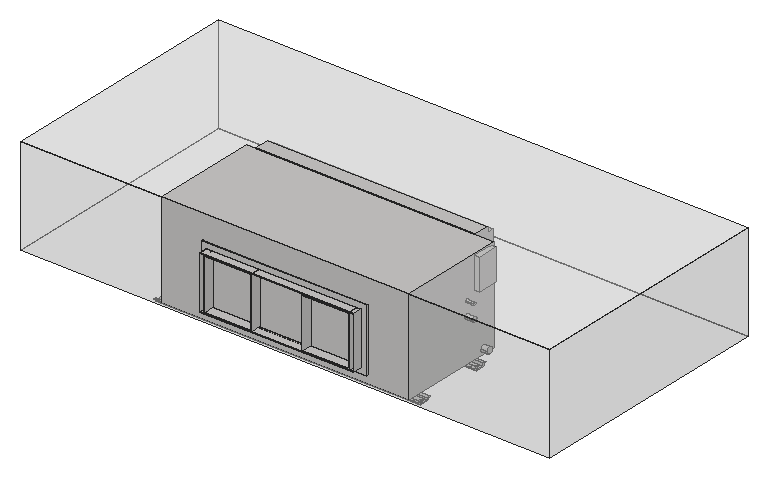
Revit family "outputfile", category 機械設備, Revit 2024
Family settings
  丸型コネクタ寸法 = 半径を使用
  パーツ タイプ = 標準
  OmniClass 番号 = 23.75.10.24.21.27.27
  OmniClass タイトル = Split System Air Conditioning Units
  作業面ベース = いいえ
  常に垂直 = はい
  ロード時にボイドで切り取り = いいえ
  注釈の向きを維持 = いいえ
  共有 = いいえ
  部屋計算ポイント = はい
Parameters (values of type "FBHN80HBV1X")
  Description = ""
  書き出し IFC クラス(タイプ) = "IfcUnitaryEquipmentType"
  定義済み IFC タイプ(タイプ) = "AIRCONDITIONINGUNIT"
  Cost = 0
  Type Comments = ""
  Keynote = ""
  Type Image = (empty or 0)
  Assembly Code = ""
  switch_frequency = yes
  lw_power = 715 mm  # constant formula
  lw_box = 30 mm
  lw_RA = 671 mm
  lh_height_SA = 298 mm
  lh_ld_mountinghole_height = 15 mm
  lh_height_RA = 443 mm
  lh_hangerfixture = 15 mm
  lh_box_top = 6 mm
  lh_box = 175 mm
  lh_SA = 240 mm
  lh_RA = 301.5 mm
  ld_depth_SA = 60 mm
  ld_depth_RA = 127 mm
  ld_box_left = 462.5 mm
  ld_box = 119.5 mm
  connector_voltage = 0 V
  connector_powerinput = [Power Input (Cooling)]  # 7.100 kW
  connector_phase = 1
  Voltage_comment_50Hz = "220 - 240"
  Voltage_50Hz = 230 V
  URL = ""
  Supply Air Direction [instance] = yes
  製造元 = "Daikin"
  モデル = "FBHN80HBV1X"
  w_pipe = 33 mm
  r_Liquid Pipe Size = Liquid Pipe Size / 2  # 6.35 mm
  r_Gas Pipe Size = Gas Pipe Size / 2  # 11.1 mm
  r_Drain Pipe Size = Drain Pipe Size / 2  # 17.0 mm
  lw_powersupply = 897 mm
  lw_width_RA = 1242 mm
  lw_width_SA = 876 mm
  lh_suctionflange [instance] = 100 mm
  ld_suctionflange [instance] = 190 mm
  ld_powersupply = 220.5 mm
  angle_vertical_RA [instance] = 90.00°
  angle horizontal_RA [instance] = 180.00°
  Sound Power Level_H speed (dB) = 0
  Phase_50Hz = 1
  Minimum External Static Pressure = 80.00 Pa
  Minimum Circuit Amps_50Hz = 0.0 A
  Maximum Fuse Amps_50Hz = 0.0 A
  Maximum External Static Pressure = 100.00 Pa
  Material_Casing = DAIKIN_GalvanizedSteel_Casing_indoorunit
  lw_liquidpipe = 751 mm
  lw_gaspipe = 751 mm
  lw_mountinghole_pitch = 1462 mm
  lw_mountinghole = 1502 mm
  lw_drainpipe = 741 mm
  lh_powersupply = 372 mm
  lh_liquidpipe = 344 mm
  lh_gaspipe = 264 mm
  lh_mountinghole = 9 mm
  lh_drainpipe = 51 mm
  lh_antena = 552.5 mm
  ld_liquidpipe = 102.5 mm
  ld_gaspipe = 102.5 mm
  ld_mountinghole_pitch = 394 mm
  ld_drainpipe = 220.5 mm
  ld_controlbox = 626 mm
  h*** = 0 mm  # constant formula
  d_dischargeflange = ld_depth_SA  # 60 mm
  Width = 1402 mm
  Version = "ver.1.0"
  Unit Type = "Duct"
  Unit Mass Weight = 83.00 kg
  Unit Designation [instance] = ""
  Uniclass2015Version = "Products v1.30"
  Uniclass2015Title = "Split coil room air conditioning units"
  Uniclass2015Code = "Pr_70_65_03_86"
  Total Cooling Capacity [instance] = 0.000 kW
  Sound Pressure Level_M speed (dBA) = 52
  Sound Pressure Level_L speed (dBA) = 51
  Sound Pressure Level_H speed (dBA) = 53
  Series = "Package Aircon_Fan Coil Unit"
  Sensible Cooling Capacity [instance] = 0.000 kW
  SA Duct Size Width = 876 mm
  SA Duct Size Height = 298 mm
  Refrigerant Type = "R410A"
  RA Duct Size Width = 1242 mm
  RA Duct Size Height = 443 mm
  Power Input (Cooling) = 7.100 kW
  Option Accessory 3 [instance] = ""
  Option Accessory 2 [instance] = ""
  Option Accessory 1 [instance] = ""
  Nominal Cooling Capacity = 23.400 kW
  Minimum Airflow = 3398.00 m³/h
  Median Airflow = 3738.00 m³/h
  Maximum Airflow = 3908.00 m³/h
  Load Classification = HVAC
  Liquid Pipe Size = 12.7 mm
  Link_Nested Family [instance] = ""
  IfcVersion = ""
  IfcExportType = "AIRCONDITIONINGUNIT"
  IfcExportAs = "IfcUnitaryEquipmentType"
  Height = 553 mm
  Heat Exchanger Type = "Cross Fin Coil"
  Gas Pipe Size = 22.2 mm
  Frequency_50Hz = 50 Hz
  Fan Type = "Sirocco Fan"
  Fan Drive = "-"
  FCU Tag No. [instance] = ""
  Drain Pipe Size = 34.0 mm
  Design Supply Airflow [instance] = 0.00 m³/h
  Design Return Airflow [instance] = 0.00 m³/h
  Design External Static Pressure [instance] = 0.00 Pa
  Depth = 605 mm
  既定の高さ = 0 mm
  Cooling Entering Wet Bulb Temperature [instance] = 0.00 °C
  Cooling Entering Dry Bulb Temperature [instance] = 0.00 °C
  Cooling Ambient Wet Bulb Temperature [instance] = 0.00 °C
  Cooling Ambient Dry Bulb Temperature [instance] = 0.00 °C
  Clearance visibility [instance] = yes
  Clearance Top = 0 mm
  Clearance Right = 800 mm
  Clearance Rear = 800 mm
  Clearance Left = 800 mm
  Clearance Front = 0 mm
  Clearance Bottom = 0 mm
Reference planes
  plane 1 "Center (Front/Back)": y = 0
  plane 2: z = 0
  plane 3 "Center (Left/Right)": x = 0
  plane 4 "Back": y = 302.5
  plane 5 "Front": y = -302.5
  plane 6 "Left": x = -701
  plane 7 "Right": x = 701
  plane 8 "Top": z = 0
  plane 9 "Bottom": z = -553
  plane 10: z = -209
  plane 11: z = -289
  plane 12: x = -731
  plane 13: x = 731
  plane 14: x = 751
  plane 15: x = 751
  plane 16: z = -544
  plane 17 "Clearance Left": x = -1501
  plane 18 "Clearance Right": x = 1501
  plane 19 "Clearance Rear": y = 1102.5
  plane 20 "Clearance Front": y = -302.5
  plane 21 "Clearance Bottom": z = -553
  plane 22: z = -502
  plane 23 "ld_gas": y = 102.5
  plane 24: y = 102.5
  plane 25: y = -30
  plane 26: y = 220.5
  plane 27: y = 112.5
  plane 28: x = 741
  plane 29: y = 139.5
  plane 30: y = -254.5
  plane 31: y = -362.5
  plane 32: y = 429.5
  plane 33 "Clearance Top": z = 0
  plane 34: z = -181
  plane 35: y = 220.5
  plane 36 "hangerfixture": z = -538
  plane 37 "lh_SA": z = -313
  plane 38 "lh_RA": z = -251.5
  plane 39 "RA_center": x = -30
  plane 40: x = 701
  plane 41: x = 731
  plane 42: y = 160
  plane 43: y = 180
  plane 44: y = 259.5
  plane 45: y = 279.5
  plane 46 "box_bottom": z = -181
  plane 47 "box_top": z = -6
  plane 48 "lw_power": x = 715
Forms (mm)
  Extrusion 1, solid, material "DAIKIN_GalvanizedSteel_Casing_indoorunit" <- "Material_Casing"
    sketch origin (0, -0.8, 0) x (1, 0, 0) y (0, 1, 0)
      loop
        line (-701, -301.7) -> (701, -301.7) -> (701, 303.3) -> (-701, 303.3) -> (-701, -301.7)
    from -538 to 0
  Revolve 2, solid, material "DAIKIN_GalvanizedSteel_Casing_indoorunit" <- "Material_Casing"
    sketch origin (0, 0, -289) x (0, -1, 0) y (1, 0, 0)
      loop
        line (-91.4, 701) -> (-91.4, 751) -> (-102.5, 751) -> (-102.5, 701) -> (-91.4, 701)
      axis (-102.5, 701) -> (-102.5, 751)
    angle from 0 to 360
  Revolve 3, solid, material "DAIKIN_GalvanizedSteel_Casing_indoorunit" <- "Material_Casing"
    sketch origin (0, 0, -209) x (0, -1, 0) y (1, 0, 0)
      loop
        line (-102.5, 701) -> (-102.5, 751) -> (-108.85, 751) -> (-108.85, 701) -> (-102.5, 701)
      axis (-102.5, 751) -> (-102.5, 701)
    angle from 0 to 360
  Extrusion 4, solid, material "DAIKIN_GalvanizedSteel_Casing_indoorunit" <- "Material_Casing"
    sketch origin (0, 0, 0) x (0, 1, 0) y (0, 0, 1)
      loop
        circle (220.5, -502) r 17
    from 741 to 701
  Extrusion 5, solid, material "DAIKIN_GalvanizedSteel_Casing_indoorunit" <- "Material_Casing"
    sketch origin (0, 0, 0) x (1, 0, 0) y (0, 1, 0)
      loop
        line (701, 160) -> (731, 160) -> (731, 279.5) -> (701, 279.5) -> (701, 160)
    from -181 to -6
Cuts and joins
  joined: Extrusion 1, Extrusion 5
Dimensions and locks
  equal spacing: plane 12, plane 3 "Center (Left/Right)", plane 13
  "lw_mountinghole_pitch": plane 12 to plane 13
  "lh_liquidpipe": plane 10 to plane 9 "Bottom"
  "lh_gaspipe": plane 11 to plane 9 "Bottom"
  equal spacing: plane 6 "Left", plane 3 "Center (Left/Right)", plane 7 "Right"
  "Width": plane 6 "Left" to plane 7 "Right"
  "Clearance Right": plane 7 "Right" to plane 18 "Clearance Right"
  "Clearance Left": plane 17 "Clearance Left" to plane 6 "Left"
  "Clearance Rear": plane 19 "Clearance Rear" to plane 4 "Back"
  "Clearance Front": plane 5 "Front" to plane 20 "Clearance Front"
  "Depth": plane 4 "Back" to plane 5 "Front"
  equal spacing: plane 4 "Back", plane 1 "Center (Front/Back)", plane 5 "Front"
  "ld_suctionflange": plane 4 "Back" to plane 27
  "r_Liquid Pipe Size": nested 5 to Revolve 3 sketch curve
  "ld_mountinghole_pitch": plane 29 to plane 30
  "lw_liquidpipe": plane 3 "Center (Left/Right)" to plane 14
  "lw_gaspipe": plane 3 "Center (Left/Right)" to plane 15
  "lw_drainpipe": plane 3 "Center (Left/Right)" to plane 28
  "lh_drainpipe": plane 22 to plane 9 "Bottom"
  "Clearance Top": plane 33 "Clearance Top" to plane 8 "Top"
  "Clearance Bottom": plane 9 "Bottom" to plane 21 "Clearance Bottom"
  "lh_powersupply": plane 34 to plane 9 "Bottom"
  level to plane 8 "Top" = 0 mm
  "lh_hangerfixture": plane 36 "hangerfixture" to plane 9 "Bottom"
  "lh_SA": plane 37 "lh_SA" to plane 9 "Bottom"
  "ld_depth_SA": plane 5 "Front" to plane 31
  "ld_depth_RA": plane 32 to plane 4 "Back"
  "lh_RA": plane 38 "lh_RA" to plane 9 "Bottom"
  "lw_RA": plane 6 "Left" to plane 39 "RA_center"
  "ld_box_left": plane 42 to plane 5 "Front"
  "ld_box": plane 45 to plane 42
  locked: plane 43 to plane 42 at 20
  locked: plane 45 to plane 44 at 20
  "lw_box": plane 7 "Right" to plane 41
  "lh_box": plane 47 "box_top" to plane 46 "box_bottom"
  "lw_power": plane 3 "Center (Left/Right)" to plane 48 "lw_power"
  "ld_drainpipe": plane 26 to plane 1 "Center (Front/Back)"
  "ld_gaspipe": plane 23 "ld_gas" to plane 1 "Center (Front/Back)"
  "r_Gas Pipe Size": plane 23 "ld_gas" to Revolve 2 sketch curve
  "ld_liquidpipe": plane 24 to plane 1 "Center (Front/Back)"
  plane 30 to plane 1 "Center (Front/Back)" = 254.5 mm
  locked: plane 40 to plane 7 "Right"
  "ld_powersupply": plane 35 to plane 1 "Center (Front/Back)"
  "lh_mountinghole": plane 16 to plane 9 "Bottom"
  "lh_box_top": plane 8 "Top" to plane 47 "box_top"
  "Height": plane 8 "Top" to plane 9 "Bottom"
  "r_Drain Pipe Size": radius of Extrusion 4 sketch curve
  aligned and locked: level to plane 2
  aligned and locked: plane 8 "Top" to Extrusion 1
  aligned and locked: Revolve 2 sketch curve to Revolve 2 sketch curve
  aligned and locked: plane 14 to nested 5
  aligned and locked: nested 5 to plane 10
  aligned and locked: plane 13 to nested 2
  aligned and locked: plane 12 to nested 3
  aligned and locked: plane 12 to nested 4
  aligned and locked: nested 6 to plane 11
  aligned and locked: plane 23 "ld_gas" to nested 6
  aligned and locked: plane 24 to nested 5
  aligned and locked: Extrusion 4 sketch curve to plane 26
  aligned and locked: nested 11 to plane 19 "Clearance Rear"
  aligned and locked: plane 18 "Clearance Right" to nested 11
  aligned and locked: plane 17 "Clearance Left" to nested 11
  aligned and locked: nested 11 to plane 20 "Clearance Front"
  aligned and locked: plane 28 to Extrusion 4
  aligned and locked: plane 15 to nested 6
  aligned and locked: plane 13 to nested 1
  aligned and locked: plane 26 to nested 7
  aligned and locked: nested 7 to plane 22
  aligned and locked: nested 7 to plane 28
  aligned and locked: nested 9 to plane 1 "Center (Front/Back)"
  aligned and locked: plane 3 "Center (Left/Right)" to nested 9
  aligned and locked: plane 29 to nested 1
  aligned and locked: plane 30 to nested 2
  aligned and locked: nested 4 to plane 29
  aligned and locked: nested 3 to plane 30
  aligned and locked: nested 10 to plane 4 "Back"
  aligned and locked: nested 8 to plane 31
  aligned and locked: plane 32 to nested 14
  aligned and locked: plane 3 "Center (Left/Right)" to nested 13
  aligned and locked: nested 11 to plane 33 "Clearance Top"
  aligned and locked: nested 11 to plane 21 "Clearance Bottom"
  aligned and locked: nested 12 to plane 9 "Bottom"
  aligned and locked: plane 36 "hangerfixture" to Extrusion 1
  aligned and locked: plane 37 "lh_SA" to nested 8
  aligned and locked: Extrusion 1 to plane 5 "Front"
  aligned and locked: nested 13 to plane 31
  aligned and locked: plane 37 "lh_SA" to nested 13
  aligned and locked: Extrusion 1 to plane 4 "Back"
  aligned and locked: plane 38 "lh_RA" to nested 10
  aligned and locked: nested 14 to plane 38 "lh_RA"
  aligned and locked: plane 39 "RA_center" to nested 10
  aligned and locked: nested 14 to plane 39 "RA_center"
  aligned and locked: plane 45 to Extrusion 5 sketch curve
  aligned and locked: plane 41 to Extrusion 5 sketch curve
  aligned and locked: Extrusion 5 sketch curve to plane 42
  aligned and locked: plane 47 "box_top" to Extrusion 5
  aligned and locked: Extrusion 5 to plane 46 "box_bottom"
  aligned and locked: plane 14 to nested 16
  aligned and locked: nested 6 to plane 15
  aligned and locked: nested 15 to plane 35
  aligned and locked: Revolve 2 sketch curve to plane 23 "ld_gas"
  aligned and locked: plane 23 "ld_gas" to nested 17
  aligned and locked: plane 24 to nested 16
  aligned and locked: nested 12 to plane 30
  aligned and locked: Extrusion 5 sketch curve to plane 40
  aligned and locked: Extrusion 4 to Revolve 2
  aligned and locked: nested 15 to plane 48 "lw_power"
  aligned and locked: nested 15 to plane 34
  aligned and locked: level to plane 8 "Top"
  aligned and locked: Extrusion 4 to plane 7 "Right"
  aligned and locked: Revolve 3 to plane 7 "Right"
Automatic sketch dimensions
  Extrusion 1 sketch curve to plane 4 "Back" = 0 mm
  Extrusion 1 sketch curve to plane 6 "Left" = 0 mm
  Extrusion 1 sketch curve to plane 5 "Front" = 0 mm
  Extrusion 1 sketch curve to plane 7 "Right" = 0 mm
  Revolve 3 sketch curve to plane 23 "ld_gas" = 0 mm  (x2)
  Revolve 3 sketch curve to plane 14 = 0 mm  (x2)
  Revolve 3 sketch curve to Revolve 3 sketch curve = 50 mm
  Revolve 3 sketch curve to Revolve 3 sketch curve = 2.5 mm
  Extrusion 4 sketch curve to plane 22 = 0 mm
  Revolve 2 sketch curve to plane 7 "Right" = 0 mm
  Revolve 2 sketch curve to plane 14 = 0 mm
  Revolve 2 sketch curve to Revolve 2 sketch curve = 2.003 mm
  plane 14 to Revolve 2 sketch curve = 1.003 mm
Nested families
  nested 1: "daikin_mountinghole" at (731, 139.5, -560.5), Link_Nested Family <- "Link_Nested Family", h_mountinghole <- "lh_mountinghole", l_antenna <- "lh_antena", type "daikin_mountinghole"
    with show yes, l_antenna 552.5 mm, h_mountinghole 9 mm, Link_Nested Family "", d_circle 23 mm
  nested 2: "daikin_mountinghole" at (731, -254.5, -560.5), Link_Nested Family <- "Link_Nested Family", h_mountinghole <- "lh_mountinghole", l_antenna <- "lh_antena", type "daikin_mountinghole"
    with show yes, l_antenna 552.5 mm, h_mountinghole 9 mm, Link_Nested Family "", d_circle 23 mm
  nested 3: "daikin_mountinghole" at (-731, -254.5, -560.5), Link_Nested Family <- "Link_Nested Family", h_mountinghole <- "lh_mountinghole", l_antenna <- "lh_antena", type "daikin_mountinghole"
    with show yes, l_antenna 552.5 mm, h_mountinghole 9 mm, Link_Nested Family "", d_circle 23 mm
  nested 4: "daikin_mountinghole" at (-731, 139.5, -560.5), Link_Nested Family <- "Link_Nested Family", h_mountinghole <- "lh_mountinghole", l_antenna <- "lh_antena", type "daikin_mountinghole"
    with show yes, l_antenna 552.5 mm, h_mountinghole 9 mm, Link_Nested Family "", d_circle 23 mm
  nested 5: "daikin_connector_rotate2" at (0, 102.5, -209) x (0, 1, 0) z (0, 0, 1), length <- "lw_liquidpipe", built-in parameter 1001364 <- "lh_liquidpipe", radius <- "r_Liquid Pipe Size", type "daikin_connector_rotate2"
    with radius 6.35 mm, length 751 mm, angle_vertical 90.00°
  nested 6: "daikin_connector_rotate2" at (0, 102.5, -289) x (0, 1, 0) z (0, 0, 1), length <- "lw_gaspipe", built-in parameter 1001364 <- "lh_gaspipe", radius <- "r_Gas Pipe Size", type "daikin_connector_rotate2"
    with radius 11.1 mm, length 751 mm, angle_vertical 90.00°
  nested 7: "daikin_connector_rotate2" at (0, 220.5, -502) x (0, 1, 0) z (0, 0, 1), built-in parameter 1001364 <- "lh_drainpipe", length <- "lw_drainpipe", radius <- "r_Drain Pipe Size", type "daikin_connector_rotate2"
    with radius 17 mm, length 741 mm, angle_vertical 90.00°
  nested 8: "daikin_connector_rotate2" at (0, -302.5, -313), length <- "d_dischargeflange", type "daikin_connector_rotate2"
    with radius 10 mm, length 60 mm, angle_vertical 90.00°
  nested 9: "daikin_△_symbolicline" at (-75, -129.904, 553) x (-0.5, 0.866, 0) z (0, 0, 1), built-in parameter 1001364 <- "Height", visible <- "Supply Air Direction", type "daikin_△_symbolicline"
    with length 300 mm
  nested 10: "daikin_ductflange_FBHN-HBV1X" at (-30, 302.5, -251.5), material <- "Material_Casing", width <- "lw_width_RA", height <- "lh_height_RA", depth <- "ld_depth_RA", type "daikin_ductflange_FBHN-HBV1X"
    with width 1242 mm, material DAIKIN_GalvanizedSteel_Casing_indoorunit, height 443 mm, depth 127 mm
  nested 11: "daikin_clearancespace" at (0, 400, -276.381), visible <- "Clearance visibility", show <- "Clearance visibility", Link_Nested Family <- "Link_Nested Family", type "daikin_clearancespace"
    with width 3002 mm, show yes, height 553 mm, depth 1405 mm, Link_Nested Family ""
  nested 12: "daikin_hangerfixture_FBHN-HBV1X" at (0, -57.5, -553), type "daikin_hangerfixture_FBHN-HBV1X"
  nested 13: "daikin_ductflange_FBHN-HBV1X_1" at (0, -302.5, -502.401), width <- "lw_width_SA", material <- "Material_Casing", height <- "lh_height_SA", depth <- "ld_depth_SA", type "daikin_ductflange_FBHN-HBV1X_1"
    with width 876 mm, t 0.8 mm, material DAIKIN_GalvanizedSteel_Casing_indoorunit, height 298 mm, depth 60 mm
  nested 14: "daikin_connector_rotate2" at (-30, 302.5, -251.5) x (-1, 0, 0) z (0, 0, 1), length <- "ld_depth_RA", type "daikin_connector_rotate2"
    with radius 10 mm, length 127 mm, angle_vertical 90.00°
  nested 15: "daikin_connector_rotate2" at (715, 220.5, -6) x (0, 1, 0) z (1, 0, 0), length <- "lh_box", type "daikin_connector_rotate2"
    with radius 10 mm, length 175 mm, angle_vertical 90.00°
  nested 16: "daikin_connector_rotate2" at (0, 102.5, 344) x (0, 1, 0) z (0, 0, 1), length <- "lw_liquidpipe", built-in parameter 1001364 <- "lh_liquidpipe", radius <- "r_Liquid Pipe Size", type "daikin_connector_rotate2"
    with radius 6.35 mm, length 751 mm, angle_vertical 90.00°
  nested 17: "daikin_connector_rotate2" at (0, 102.5, 264) x (0, 1, 0) z (0, 0, 1), length <- "lw_gaspipe", built-in parameter 1001364 <- "lh_gaspipe", radius <- "r_Gas Pipe Size", type "daikin_connector_rotate2"
    with radius 11.1 mm, length 751 mm, angle_vertical 90.00°
Connectors
  piping at (751, 102.5, -289), diameter 22.2, driven by "r_Gas Pipe Size"
    settings: on nested 6, index 1, connector inside diameter 609.6 mm, connector length 0 mm, flow factor 0, pipe flow 0.00 m³/h, pressure drop 0.0 Pa, fitting loss kfactor 0, connector angle 0.00°, fixture units 0, engagement length 0 mm, angle of deflection 0.00°, flow configuration 1, flow direction 2, fitting loss method 0, system type 29, joint type 0, gender type 0, connector reference index -1, connector utility 0, adjustable connector no, is connector primary yes, connector description "Refrigerant Gas Piping"
  piping at (751, 102.5, -209), diameter 12.7, driven by "r_Liquid Pipe Size"
    settings: on nested 5, index 2, connector inside diameter 609.6 mm, connector length 0 mm, flow factor 0, pipe flow 0.00 m³/h, pressure drop 0.0 Pa, fitting loss kfactor 0, connector angle 0.00°, fixture units 0, engagement length 0 mm, angle of deflection 0.00°, flow configuration 1, flow direction 1, fitting loss method 0, system type 29, joint type 0, gender type 0, connector reference index -1, connector utility 0, adjustable connector no, is connector primary no, connector description "Refrigerant Liquid Piping"
  piping at (741, 220.5, -502), diameter 34, driven by "r_Drain Pipe Size"
    settings: on nested 7, index 3, connector inside diameter 609.6 mm, connector length 0 mm, flow factor 0, pipe flow 0.00 m³/h, pressure drop 0.0 Pa, fitting loss kfactor 0, connector angle 0.00°, fixture units 0, engagement length 0 mm, angle of deflection 0.00°, flow configuration 1, flow direction 2, fitting loss method 4, system type 16, joint type 0, gender type 0, connector reference index -1, connector utility 0, adjustable connector no, is connector primary no, connector description "Condensate Drain Piping"
  hvac at (0, -362.5, -313), driven by "SA Duct Size Height", driven by "SA Duct Size Width"
    settings: on nested 8, index 7, duct flow 0.00 m³/h, flow factor 0, pres drop 0.00 Pa, loss coef 0, conn angle 0.00°, conn width 876.0 mm, conn height 298.0 mm, conn diameter 609.6 mm, duct sys type 1, conn prof type 1, flow config 0, flow direction 2, loss method 4, conn ref index -1, conn util no, is conn primary yes, conn desc "SA Duct"
  hvac at (-30, 429.5, -251.5), driven by "RA Duct Size Width", driven by "RA Duct Size Height"
    settings: on nested 14, index 8, duct flow 0.00 m³/h, flow factor 0, pres drop 0.00 Pa, loss coef 0, conn angle 0.00°, conn width 1242.0 mm, conn height 443.0 mm, conn diameter 609.6 mm, duct sys type 2, conn prof type 1, flow config 0, flow direction 1, loss method 4, conn ref index -1, conn util no, is conn primary no, conn desc "RA Duct"
  electrical at (715, 220.5, -181), driven by "Load Classification", driven by "connector_phase", driven by "connector_powerinput", driven by "connector_voltage"
    settings: on nested 15, index 9, voltage 0 V, apparent load 7100 VA, apparent load phase1 0 VA, apparent load phase2 0 VA, apparent load phase3 0 VA, power factor 1, load classification "HVAC", number of poles 1, system type 30, power factor state 1, is connector primary yes, connector utility no, sub classification motor no, connector description "Power Supply"
Definition of nested family "daikin_ductflange_FBHN-HBV1X"
  Parameters (values of type "daikin_ductflange_2FDN-HTL")
    width [instance] = 1242 mm
    material [instance] = none
    height [instance] = 747 mm
    depth [instance] = 127 mm
    Default Elevation = 0 mm
  Reference planes
    plane 1 "Center (Front/Back)": y = 0
    plane 2: z = 0
    plane 3 "Center (Left/Right)": x = 0
    plane 4: x = -621
    plane 5: x = 621
    plane 6: z = 373.5
    plane 7: z = -373.5
    plane 8: y = 88.5
    plane 9: y = 127
    plane 10: x = -611
    plane 11: x = 611
    plane 12: z = -363.5
    plane 13: z = 363.5
    plane 14: x = -621
    plane 15: x = 621
    plane 16: z = 403.5
    plane 17: z = -403.5
  Forms (mm)
    Extrusion 1, solid, material <- "material"
      sketch origin (0, 0, 0) x (1, 0, 0) y (0, 0, 1)
        loop
          line (-621, 403.5) -> (-621, -403.5) -> (621, -403.5) -> (621, 403.5) -> (-621, 403.5)
        loop
          line (-611, 363.5) -> (-611, -363.5) -> (611, -363.5) -> (611, 363.5) -> (-611, 363.5)
      from 0 to -88.5
    Extrusion 2, solid, material <- "material"
      sketch origin (0, 0, 0) x (1, 0, 0) y (0, 0, 1)
        loop
          line (-621, 373.5) -> (-621, -373.5) -> (621, -373.5) -> (621, 373.5) -> (-621, 373.5)
        loop
          line (611, 363.5) -> (-611, 363.5) -> (-611, -363.5) -> (611, -363.5) -> (611, 363.5)
      from -127 to -88.5
  Cuts and joins
    joined: Extrusion 1, Extrusion 2
  Dimensions and locks
    equal spacing: plane 5, plane 3 "Center (Left/Right)", plane 4
    "width": plane 5 to plane 4
    equal spacing: plane 6, level, plane 7
    "height": plane 6 to plane 7
    plane 1 "Center (Front/Back)" to plane 8 = 88.5 mm
    "depth": plane 1 "Center (Front/Back)" to plane 9
    locked: plane 6 to plane 13 at 10
    locked: plane 12 to plane 7 at 10
    locked: plane 5 to plane 11 at 10
    locked: plane 10 to plane 4 at 10
    plane 4 to plane 14 = 0 mm
    plane 15 to plane 5 = 0 mm
    locked: plane 16 to plane 6 at 30
    plane 7 to plane 17 = 30 mm
    aligned and locked: level to plane 2
    aligned and locked: Extrusion 1 to plane 8
    aligned and locked: plane 1 "Center (Front/Back)" to Extrusion 1
    aligned and locked: Extrusion 2 to plane 9
    aligned and locked: Extrusion 2 to Extrusion 1
    aligned and locked: plane 13 to Extrusion 2 sketch curve
    aligned and locked: plane 11 to Extrusion 2 sketch curve
    aligned and locked: Extrusion 2 sketch curve to plane 12
    aligned and locked: Extrusion 2 sketch curve to plane 10
    aligned and locked: Extrusion 1 sketch curve to plane 16
    aligned and locked: plane 14 to Extrusion 1 sketch curve
    aligned and locked: plane 17 to Extrusion 1 sketch curve
    aligned and locked: Extrusion 1 sketch curve to plane 15
  Automatic sketch dimensions
    Extrusion 2 sketch curve to plane 4 = 0 mm
    Extrusion 2 sketch curve to plane 5 = 0 mm
    Extrusion 2 sketch curve to plane 7 = 0 mm
    Extrusion 2 sketch curve to plane 6 = 0 mm
    plane 4 to Extrusion 1 sketch curve = 10 mm
    Extrusion 1 sketch curve to plane 5 = 10 mm
    plane 7 to Extrusion 1 sketch curve = 10 mm
    Extrusion 1 sketch curve to plane 6 = 10 mm
Definition of nested family "daikin_clearancespace"
  Parameters (values of type "daikin_clearancespace")
    Description = "daikin_clearancespace"
    width [instance] = 1823.963 mm
    show [instance] = yes
    material = none
    height [instance] = 1359.762 mm
    depth [instance] = 880 mm
    Default Elevation = 0 mm
    Link_Nested Family [instance] = ""
  Reference planes
    plane 1 "Center (Front/Back)": y = 0
    plane 2 "Center (Elevation)": z = -0.119
    plane 3 "Center (Left/Right)": x = 0
    plane 4: y = 440
    plane 5: y = -440
    plane 6 "Right": x = 911.982
    plane 7 "Left": x = -911.982
    plane 8 "Top": z = 679.762
    plane 9 "Bottom": z = -680
  Forms (mm)
    Extrusion 1, solid, material <- "material", visible <- "show"
      sketch origin (0, 0, 0) x (1, 0, 0) y (0, 1, 0)
        loop
          line (-911.982, 440) -> (-911.982, -440) -> (911.982, -440) -> (911.982, 440) -> (-911.982, 440)
      from -680 to 679.762
  Lines and regions (mm)
    symbolic lines, visible <- "show"
      curve 1: line (911.982, 440, 0) -> (-911.982, 440, 0)
      curve 2: line (-911.982, 440, 0) -> (-911.982, -440, 0)
      curve 3: line (-911.982, -440, 0) -> (911.982, -440, 0)
      curve 4: line (911.982, -440, 0) -> (911.982, 440, 0)
      curve 5: line (911.982, 0, 679.762) -> (-911.982, 0, 679.762)
      curve 6: line (911.982, 0, -680) -> (911.982, 0, 679.762)
      curve 7: line (-911.982, 0, -680) -> (911.982, 0, -680)
      curve 8: line (-911.982, 0, 679.762) -> (-911.982, 0, -680)
      curve 9: line (0, 440, 679.762) -> (0, -440, 679.762)
      curve 10: line (0, -440, 679.762) -> (0, -440, -680)
      curve 11: line (0, 440, -680) -> (0, 440, 679.762)
      curve 12: line (0, -440, -680) -> (0, 440, -680)
  Dimensions and locks
    "width": plane 7 "Left" to plane 6 "Right"
    "depth": plane 4 to plane 5
    "height": plane 8 "Top" to plane 9 "Bottom"
    equal spacing: plane 7 "Left", plane 3 "Center (Left/Right)", plane 6 "Right"
    equal spacing: plane 4, plane 1 "Center (Front/Back)", plane 5
    equal spacing: plane 8 "Top", plane 2 "Center (Elevation)", plane 9 "Bottom"
    aligned and locked: level to plane 2 "Center (Elevation)"
    aligned and locked: Extrusion 1 sketch curve to plane 4
    aligned and locked: plane 7 "Left" to Extrusion 1 sketch curve
    aligned and locked: Extrusion 1 sketch curve to plane 5
    aligned and locked: Extrusion 1 sketch curve to plane 6 "Right"
    aligned and locked: plane 8 "Top" to Extrusion 1
    aligned and locked: curve 1 to Extrusion 1
    aligned and locked: curve 2 to Extrusion 1
    aligned and locked: curve 3 to Extrusion 1
    aligned and locked: curve 4 to Extrusion 1
    aligned and locked: curve 5 to Extrusion 1
    aligned and locked: curve 6 to Extrusion 1
    aligned and locked: curve 7 to Extrusion 1
    aligned and locked: curve 8 to Extrusion 1
    aligned and locked: curve 9 to Extrusion 1
    aligned and locked: curve 10 to Extrusion 1
    aligned and locked: curve 11 to Extrusion 1
    aligned and locked: curve 12 to Extrusion 1
    aligned and locked: Extrusion 1 to plane 9 "Bottom"
Definition of nested family "daikin_hangerfixture_FBHN-HBV1X"
  Parameters (values of type "daikin_hangerfixture_2FDN-HTL")
    width = 1462 mm
    material = none
    height = 15 mm
    e = 38 mm
    depth = 394 mm
    Default Elevation = 0 mm
    G = 1502 mm
    E = 50 mm
  Reference planes
    plane 1 "Center (Front/Back)": y = 0
    plane 2: z = 0
    plane 3 "Center (Left/Right)": x = 0
    plane 4: x = 731
    plane 5: x = -731
    plane 6: z = 15
    plane 7: y = 197
    plane 8: y = -197
    plane 9: x = -751
    plane 10: x = 751
    plane 11: y = 235
    plane 12: y = -235
  Forms (mm)
    Extrusion 1, solid
      sketch origin (0, 0, 0) x (0, 1, 0) y (0, 0, 1)
        loop
          line (-174, 15) -> (-174, 1.5) -> (-220, 1.5) -> (-220, 15) -> (-235, 15) -> (-235, 13.5) -> (-221.5, 13.5) -> (-221.5, 0) -> (-172.5, 0) -> (-172.5, 13.5) -> (-159, 13.5) -> (-159, 15) -> (-174, 15)
        loop
          line (220, 15) -> (220, 1.5) -> (174, 1.5) -> (174, 15) -> (159, 15) -> (159, 13.5) -> (172.5, 13.5) -> (172.5, 0) -> (221.5, 0) -> (221.5, 13.5) -> (235, 13.5) -> (235, 15) -> (220, 15)
      from -751 to 751
    Extrusion 2, void
      sketch origin (0, 0, 0) x (1, 0, 0) y (0, 1, 0)
        loop
          circle (-731, 197) r 7.5
        loop
          circle (-731, -197) r 7.5
        loop
          circle (731, -197) r 7.5
        loop
          circle (731, 197) r 7.5
      from 0 to 9
  Cuts and joins
    Extrusion 2 cuts Extrusion 1
  Dimensions and locks
    "width": plane 5 to plane 4
    equal spacing: plane 5, plane 3 "Center (Left/Right)", plane 4
    "depth": plane 8 to plane 7
    equal spacing: plane 8, plane 1 "Center (Front/Back)", plane 7
    "height": plane 6 to level
    "e": plane 7 to plane 11
    "e": plane 12 to plane 8
    equal spacing: Extrusion 1 sketch curve, plane 8, Extrusion 1 sketch curve  (x2)
    "e": Extrusion 1 sketch curve to plane 8 to Extrusion 1 sketch curve
    Extrusion 1 sketch curve to level = 1.5 mm
    equal spacing: plane 9, plane 3 "Center (Left/Right)", plane 10
    "G": plane 9 to plane 10
    locked: Extrusion 1 sketch curve to level at 1.5
    equal spacing: Extrusion 1 sketch curve, plane 7, Extrusion 1 sketch curve  (x2)
    "e": Extrusion 1 sketch curve to plane 7 to Extrusion 1 sketch curve
    aligned and locked: level to plane 2
    aligned and locked: plane 6 to Extrusion 1 sketch curve  (x2)
    aligned and locked: Extrusion 1 sketch curve to level  (x2)
    aligned and locked: Extrusion 1 to plane 9
    aligned and locked: plane 10 to Extrusion 1
    aligned and locked: plane 7 to Extrusion 2 sketch curve  (x2)
    aligned and locked: plane 5 to Extrusion 2 sketch curve  (x2)
    aligned and locked: plane 8 to Extrusion 2 sketch curve  (x2)
    aligned and locked: plane 4 to Extrusion 2 sketch curve  (x2)
  Automatic sketch dimensions
    Extrusion 1 sketch curve to plane 6 = 0 mm  (x2)
    Extrusion 1 sketch curve to plane 6 = 1.5 mm  (x4)
    Extrusion 1 sketch curve to plane 12 = 13.5 mm
    Extrusion 1 sketch curve to Extrusion 1 sketch curve = 1.5 mm  (x2)
    Extrusion 1 sketch curve to Extrusion 1 sketch curve = 13.5 mm
    radius of Extrusion 2 sketch curve = 7.5 mm  (x4)
Definition of nested family "daikin_ductflange_FBHN-HBV1X_1"
  Parameters (values of type "daikin_ductflange_2FDN-HTL_1")
    width [instance] = 876 mm
    t [instance] = 0.8 mm
    material [instance] = none
    height [instance] = 298 mm
    depth [instance] = 60 mm
    Default Elevation = 0 mm
  Reference planes
    plane 1 "Center (Front/Back)": y = 0
    plane 2: z = 189.401
    plane 3 "Center (Left/Right)": x = 0
    plane 4: y = 0
    plane 5: y = -60
    plane 6: y = -9
    plane 7: z = 338.401
    plane 8: z = 40.401
    plane 9: x = -437.2
    plane 10: x = 437.2
    plane 11: x = -438
    plane 12: x = 438
    plane 13: z = 337.601
    plane 14: z = 41.201
    plane 15: x = -467.2
    plane 16: z = 367.601
    plane 17: z = 11.201
    plane 18: x = 467.2
    plane 19: x = 141
    plane 20: x = -141
    plane 21: x = -412
    plane 22: x = 412
    plane 23: z = 335.401
    plane 24: z = 43.401
  Forms (mm)
    Extrusion 1, solid, material <- "material"
      sketch origin (0, 0, 0) x (1, 0, 0) y (0, 0, 1)
        loop
          line (-438, 338.401) -> (-438, 40.401) -> (438, 40.401) -> (438, 338.401) -> (-438, 338.401)
        loop
          line (-437.2, 337.601) -> (-437.2, 41.201) -> (437.2, 41.201) -> (437.2, 337.601) -> (-437.2, 337.601)
      from 9 to 60
    Extrusion 2, solid, material <- "material"
      sketch origin (0, 0, 0) x (1, 0, 0) y (0, 0, 1)
        loop
          line (-467.2, 367.601) -> (-467.2, 11.201) -> (467.2, 11.201) -> (467.2, 367.601) -> (-467.2, 367.601)
        loop
          line (-437.2, 337.601) -> (-437.2, 41.201) -> (437.2, 41.201) -> (437.2, 337.601) -> (-437.2, 337.601)
      from 0 to 9
    Extrusion 3, solid, material <- "material"
      sketch origin (0, 0, 0) x (1, 0, 0) y (0, 0, 1)
        loop
          line (408.3, 332.201) -> (144.7, 332.201) -> (144.7, 46.601) -> (408.3, 46.601) -> (408.3, 332.201)
        loop
          line (-408.3, 46.601) -> (-144.7, 46.601) -> (-144.7, 332.201) -> (-408.3, 332.201) -> (-408.3, 46.601)
        loop
          line (-412, 335.401) -> (-412, 43.401) -> (-141, 43.401) -> (-141, 335.401) -> (-412, 335.401)
        loop
          line (141, 335.401) -> (141, 43.401) -> (412, 43.401) -> (412, 335.401) -> (141, 335.401)
      from 0 to 60
  Cuts and joins
    joined: Extrusion 1, Extrusion 2
  Dimensions and locks
    plane 4 to plane 1 "Center (Front/Back)" = 0 mm
    "depth": plane 5 to plane 4
    locked: plane 6 to plane 4 at 9
    equal spacing: plane 7, level, plane 8
    equal spacing: plane 10, plane 3 "Center (Left/Right)", plane 9
    "t": plane 9 to plane 11
    "t": plane 12 to plane 10
    "t": plane 7 to plane 13
    "t": plane 14 to plane 8
    locked: plane 11 to plane 15 at 29.2
    locked: plane 18 to plane 12 at 29.2
    locked: plane 16 to plane 7 at 29.2
    locked: plane 8 to plane 17 at 29.2
    plane 23 to level to plane 24 = 146 mm, 146 mm
    plane 22 to plane 19 to plane 3 "Center (Left/Right)" to plane 20 to plane 21 = 271 mm, 141 mm, 141 mm, 271 mm
    plane 23 to Extrusion 3 sketch curve = 3.2 mm
    Extrusion 3 sketch curve to plane 24 = 3.2 mm
    Extrusion 3 sketch curve to plane 21 = 3.7 mm
    plane 20 to Extrusion 3 sketch curve = 3.7 mm
    Extrusion 3 sketch curve to plane 19 = 3.7 mm
    plane 22 to Extrusion 3 sketch curve = 3.7 mm
    "height": plane 7 to plane 8
    "width": plane 12 to plane 11
    aligned and locked: level to plane 2
    aligned and locked: Extrusion 1 sketch curve to plane 7
    aligned and locked: plane 11 to Extrusion 1 sketch curve
    aligned and locked: plane 8 to Extrusion 1 sketch curve
    aligned and locked: Extrusion 1 sketch curve to plane 12
    aligned and locked: Extrusion 1 sketch curve to plane 13
    aligned and locked: plane 9 to Extrusion 1 sketch curve
    aligned and locked: plane 14 to Extrusion 1 sketch curve
    aligned and locked: Extrusion 1 sketch curve to plane 10
    aligned and locked: plane 6 to Extrusion 1
    aligned and locked: Extrusion 1 to plane 5
    aligned and locked: Extrusion 2 sketch curve to plane 16
    aligned and locked: plane 15 to Extrusion 2 sketch curve
    aligned and locked: plane 17 to Extrusion 2 sketch curve
    aligned and locked: Extrusion 2 sketch curve to plane 18
    aligned and locked: Extrusion 2 sketch curve to Extrusion 1  (x4)
    aligned and locked: Extrusion 2 to plane 1 "Center (Front/Back)"
    aligned and locked: Extrusion 2 to plane 6
    aligned and locked: Extrusion 3 sketch curve to plane 23  (x2)
    aligned and locked: plane 21 to Extrusion 3 sketch curve
    aligned and locked: plane 24 to Extrusion 3 sketch curve  (x2)
    aligned and locked: Extrusion 3 sketch curve to plane 20
    aligned and locked: plane 19 to Extrusion 3 sketch curve
    aligned and locked: Extrusion 3 sketch curve to plane 22
    aligned and locked: Extrusion 3 sketch curve to Extrusion 3 sketch curve  (x2)
    aligned and locked: Extrusion 3 to plane 1 "Center (Front/Back)"
    aligned and locked: Extrusion 3 to plane 5
  Automatic sketch dimensions
    Extrusion 2 sketch curve to plane 15 = 0 mm
Definition of nested family "daikin_mountinghole"
  Parameters (values of type "daikin_mountinghole")
    Default Elevation = 1219.2 mm
    Type Comments = "mountinghole"
    show [instance] = yes
    material = none
    l_centerline = 100 mm
    l_antenna [instance] = 100 mm
    h_mountinghole [instance] = 0 mm
    d_circle = 30 mm
    Link_Nested Family [instance] = ""
  Reference planes
    plane 1 "Center (Front/Back)": y = 0
    plane 2: z = 0
    plane 3 "Center (Left/Right)": x = 0
    plane 4: y = 50
    plane 5: x = -50
    plane 6: x = 50
    plane 7: y = -50
    plane 8 "h_mountinghole": z = 0
    plane 9: z = 100
  Lines and regions (mm)
    model lines, detail levels fine
      curve 1: circle (0, 0, 0) r 15 normal (0, 0, 1)
      curve 2: line (-50, 0, 0) -> (50, 0, 0)
      curve 3: line (0, 50, 0) -> (0, -50, 0)
    symbolic lines, detail levels fine
      curve 4: circle (0, 0, 0) r 15 normal (0, 0, 1)
      curve 5: line (-50, 0, 0) -> (50, 0, 0)
      curve 6: line (0, 50, 0) -> (0, -50, 0)
    model lines
      curve 7: line (0, 0, 100) -> (0, 0, 0)
  Dimensions and locks
    equal spacing: plane 4, plane 1 "Center (Front/Back)", plane 7
    "l_centerline": plane 4 to plane 7
    equal spacing: plane 5, plane 3 "Center (Left/Right)", plane 6
    "l_centerline": plane 5 to plane 6
    "l_antenna": plane 9 to plane 8 "h_mountinghole"
    "h_mountinghole": plane 8 "h_mountinghole" to plane 2
    "d_circle": diameter of curve 1
    "d_circle": diameter of curve 4
    aligned and locked: level to plane 2
    aligned and locked: plane 1 "Center (Front/Back)" to curve 1
    aligned and locked: plane 3 "Center (Left/Right)" to curve 1
    aligned and locked: plane 1 "Center (Front/Back)" to curve 2
    aligned and locked: curve 3 to plane 3 "Center (Left/Right)"
    aligned and locked: plane 6 to curve 2
    aligned and locked: plane 5 to curve 2
    aligned and locked: plane 4 to curve 3
    aligned and locked: plane 7 to curve 3
    aligned and locked: plane 1 "Center (Front/Back)" to curve 4
    aligned and locked: plane 3 "Center (Left/Right)" to curve 4
    aligned and locked: plane 6 to curve 5
    aligned and locked: plane 5 to curve 5
    aligned and locked: plane 1 "Center (Front/Back)" to curve 5
    aligned and locked: plane 4 to curve 6
    aligned and locked: plane 7 to curve 6
    aligned and locked: curve 6 to plane 3 "Center (Left/Right)"
    aligned and locked: curve 7 to plane 3 "Center (Left/Right)"
    aligned and locked: plane 9 to curve 7
    aligned and locked: plane 8 "h_mountinghole" to curve 7
Definition of nested family "daikin_connector_rotate2"
  Parameters (values of type "daikin_connector_rotate2")
    show_face = no
    radius [instance] = 10 mm
    length [instance] = 600 mm
    d_surface = 10 mm
    angle_vertical [instance] = 90.00°
    Default Elevation = 0 mm
  Reference planes
    plane 1 "Center (Front/Back)": y = 0
    plane 2: z = 0
    plane 3 "Center (Left/Right)": x = 0
  Forms (mm)
    Extrusion 1, solid, visible <- "show_face"
      sketch origin (0, -600, 0) x (1, 0, 0) y (0, 0, 1)
        loop
          circle (0, 0) r 10
      from 0 to -10
  Lines and regions (mm)
    reference lines
      curve 1: line (0, 0, 0) -> (0, -600, 0)
    symbolic lines
      curve 2: circle (0, 0, 0) r 5 normal (0, 0, 1)
    model lines, visible <- "show_face"
      curve 3: line (0, 0, 0) -> (0, -600, 0)
  Dimensions and locks
    "length": curve 1 to curve 1
    "length": curve 3 to curve 3
    "d_surface": Extrusion 1 to Extrusion 1
    "radius": radius of Extrusion 1 sketch curve
    "angle_vertical": angle curve 1 to plane 1 "Center (Front/Back)"
    "angle_vertical": angle curve 3 to plane 1 "Center (Front/Back)"
    aligned and locked: level to plane 2
    aligned and locked: plane 1 "Center (Front/Back)" to curve 1
    aligned and locked: plane 2 to curve 1
    aligned and locked: plane 1 "Center (Front/Back)" to curve 2
    aligned and locked: plane 3 "Center (Left/Right)" to curve 2
    aligned and locked: plane 1 "Center (Front/Back)" to curve 3
    aligned and locked: plane 2 to curve 3
    aligned and locked: Extrusion 1 to Extrusion 1
  Automatic sketch dimensions
    Extrusion 1 sketch curve to level = 0 mm
    Extrusion 1 sketch curve to plane 3 "Center (Left/Right)" = 0 mm
    radius of curve 2 = 5 mm
Definition of nested family "daikin_△_symbolicline"
  Parameters (values of type "daikin_△_symbolicline")
    length [instance] = 500 mm
    Default Elevation = 0 mm
  Reference planes
    plane 1 "Center (Front/Back)": y = 0
    plane 2: z = 0
    plane 3 "Center (Left/Right)": x = 0
  Lines and regions (mm)
    symbolic lines
      curve 1: line (0, -433.013, 0) -> (250, 0, 0)
      curve 2: line (250, 0, 0) -> (-250, 0, 0)
      curve 3: line (-250, 0, 0) -> (0, -433.013, 0)
  Dimensions and locks
    equal spacing: curve 3, plane 3 "Center (Left/Right)", curve 2
    "length": curve 3 to curve 2
    "length": curve 3 to curve 3
    "length": curve 1 to curve 1
    aligned and locked: level to plane 2
    aligned and locked: curve 2 to plane 1 "Center (Front/Back)"
    aligned and locked: plane 3 "Center (Left/Right)" to curve 3
